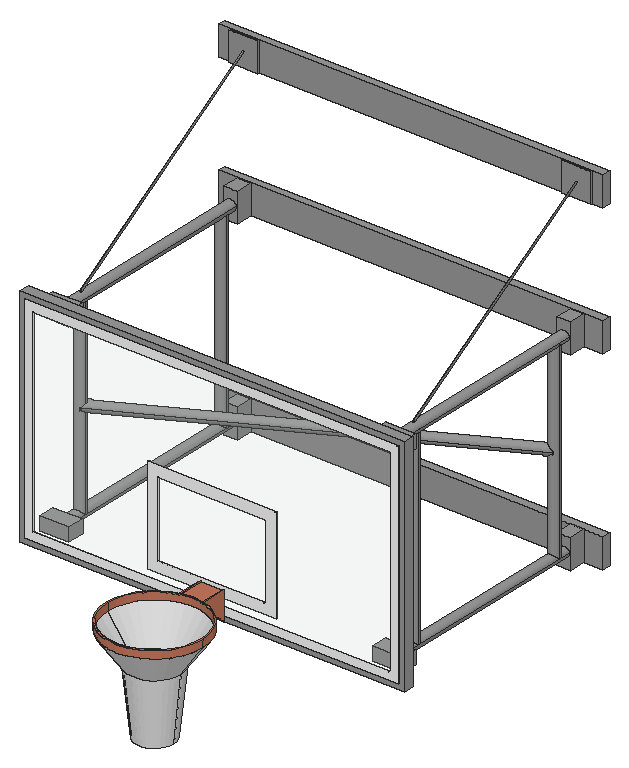
Revit family "Basketball-Structure_Wall-Mount_Side-Fold_PKGxxSFRG", category Generic Models, Revit 2024
Family settings
  Can host rebar = No
  Round Connector Dimension = Use Diameter
  Part Type = Normal
  OmniClass Number = 23.40.50.34.24
  OmniClass Title = Nets
  Work Plane-Based = No
  Always vertical = Yes
  Cut with Voids When Loaded = No
  Maintain Annotation Orientation = No
  Shared = No
  Room Calculation Point = No
Parameters (values of type "PKG46STRG")
  Width = 6' - 0"
  Wall Plate Material = Wood
  URL = "https://ipibybison.com/"
  Test Data = "http://www.ipibybison.com/ToolBox.php"
  Suspension Type = "Telescoping"
  Support Tubing Material = Steel - Tubular Support
  Support Tubing Diameter = 0' - 1.9"
  Specification = "https://www.arcat.com/arcatcos/cos49/arc49571.html"
  Sales Information = "http://www.ipibybison.com/DealersPage.php"
  Revision = "R1_2018-09"
  Product Data = "http://www.arcat.com/arcatcos/cos38/arc38554.html"
  PKG82STRG Extension Range = "96\" to 144\""
  PKG68STRG Extension Range = "72\" to 96\""
  PKG46STRG Extension Range = "48\" to 72\""
  Netting = Finish - IPI by Bison - White Netting
  Mounting Height [instance] = 8' - 0"
  Model = "As Specified"
  Manufacturer Website = "http://www.ipibybison.com/"
  Manufacturer Phone - Toll Free = "888-438-5311"
  Manufacturer Phone = "888-438-5311"
  Manufacturer Fax = "888-438-5312"
  Manufacturer Address = "603 L St.   Lincoln, NE 68508"
  Manufacturer = "IPI by Bison"
  Keynote = "11 66 00"
  Installation-Fabrication = "http://www.ipibybison.com/InstallersPage.php"
  Hoop Finish = Powder Coat - Playground Orange
  Green Building-LEED = "https://www.arcat.com/green/green_building.shtml"
  Extension Depth = 4' - 0"
  Drawn By = "Sumex Design, Inc. / Robert S. Weygant, CSI, CDT, SCIP"
  Description = "IPI by Bison Gymnasium Equipment"
  Default Elevation = 0' - 0"
  Copyright = "©Arcat Inc."
  Construction Details = "https://www.arcat.com/downloads/38554-brpbis/bim/bison/BRP%20by%20bison"
  Category = ""
  Building Codes = "https://www.brpbybison.com/submittals.html"
  Backboard Material = Fiberglass - Backboard
  Backboard Height = 3' - 6"
  Backboard Frame Material = Steel - Tubular Support
Types (4): name | Extension Depth
  (no name) | 4' - 0"
  PKG46STRG | 4' - 0"
  PKG68STRG | 6' - 0"
  PKG82STRG | 8' - 0"
Reference planes (in)
  plane 1 "Back": y = 0
  plane 2 "Floor": z = 0
  plane 3 "Center (Left/Right)": x = 0
  plane 4 "Front": y = -48
  plane 5: y = -46
  plane 6 "Left": x = -36
  plane 7 "Right": x = 36
  plane 8 "Chain Alignment": x = -31.188
  plane 9 "Backboard Bottom": z = 96
  plane 10 "Chain Alignment 2": x = 31.188
  plane 11 "Top": z = 138
  plane 12: z = 135.091
  plane 13: z = 98.909
  plane 14: y = -1.5
  plane 15: z = 137.841
  plane 16: z = 132.341
  plane 17: z = 96.159
  plane 18: z = 101.659
  plane 19: x = -32.438
  plane 20: x = -29.938
  plane 21: x = 32.438
  plane 22: x = 29.938
  plane 23: z = 101.25
  plane 24: y = -48.0625
  plane 25: y = -6.9
  plane 26: z = 156.841
  plane 27 "Top Plate": z = 162.341
  plane 28: z = 159.591
  plane 29: y = -39.83
  plane 30: z = 136.091
  plane 31: y = -42.812
  plane 32: y = -4.688
  plane 33 "Cross Bar": z = 117
Forms (in)
  Extrusion 1, solid, material "Steel - Tubular Support" <- "Support Tubing Material"
    sketch origin (0, 0, 0) x (1, 0, 0) y (0, 0, 1)
      loop
        circle (-31.188, 98.909) r 0.95
      loop
        circle (-31.188, 135.091) r 0.95
      loop
        circle (31.188, 98.909) r 0.95
      loop
        circle (31.188, 135.091) r 0.95
    from 4.688 to 42.812
  Extrusion 2, solid, material "Wood" <- "Wall Plate Material"
    sketch origin (0, 0, 0) x (0, 1, 0) y (0, 0, 1)
      loop
        line (0, 137.841) -> (-1.5, 137.841) -> (-1.5, 132.341) -> (0, 132.341) -> (0, 137.841)
      loop
        line (0, 101.659) -> (-1.5, 101.659) -> (-1.5, 96.159) -> (0, 96.159) -> (0, 101.659)
      loop
        line (0, 162.341) -> (-1.5, 162.341) -> (-1.5, 156.841) -> (0, 156.841) -> (0, 162.341)
    from -36 to 36
  Extrusion 3, solid, material "Steel - Tubular Support" <- "Support Tubing Material"
    sketch origin (0, 0, 0) x (1, 0, 0) y (0, 0, 1)
      loop
        line (-32.438, 137.841) -> (-32.438, 132.341) -> (-29.938, 132.341) -> (-29.938, 137.841) -> (-32.438, 137.841)
      loop
        line (29.938, 137.841) -> (29.938, 132.341) -> (32.438, 132.341) -> (32.438, 137.841) -> (29.938, 137.841)
      loop
        line (-32.438, 101.659) -> (-32.438, 96.159) -> (-29.938, 96.159) -> (-29.938, 101.659) -> (-32.438, 101.659)
      loop
        line (29.938, 101.659) -> (29.938, 96.159) -> (32.438, 96.159) -> (32.438, 101.659) -> (29.938, 101.659)
    from 1.5 to 4.688
  Extrusion 4, solid, material "Steel - Tubular Support" <- "Support Tubing Material"
    sketch origin (0, 0, 0) x (1, 0, 0) y (0, 0, 1)
      loop
        line (-33.938, 133.841) -> (-28.438, 133.841) -> (-28.438, 136.341) -> (-33.938, 136.341) -> (-33.938, 133.841)
      loop
        line (33.938, 133.841) -> (33.938, 136.341) -> (28.438, 136.341) -> (28.438, 133.841) -> (33.938, 133.841)
      loop
        line (-33.938, 97.659) -> (-28.438, 97.659) -> (-28.438, 100.159) -> (-33.938, 100.159) -> (-33.938, 97.659)
      loop
        line (33.938, 97.659) -> (33.938, 100.159) -> (28.438, 100.159) -> (28.438, 97.659) -> (33.938, 97.659)
    from 42.812 to 46
  Extrusion 5, solid, material "Steel - Tubular Support" <- "Backboard Frame Material"
    sketch origin (0, 0, 0) x (1, 0, 0) y (0, 0, 1)
      loop
        line (-36, 138) -> (-36, 96) -> (36, 96) -> (36, 138) -> (-36, 138)
      loop
        line (-35, 137) -> (-35, 97) -> (35, 97) -> (35, 137) -> (-35, 137)
    from 46 to 48
  Extrusion 6, solid, material "Powder Coat - White"
    sketch origin (0, 0, 0) x (1, 0, 0) y (0, 0, 1)
      loop
        line (-35, 137) -> (-35, 97) -> (35, 97) -> (35, 137) -> (-35, 137)
      loop
        line (-33.5, 98.5) -> (33.5, 98.5) -> (33.5, 135.5) -> (-33.5, 135.5) -> (-33.5, 98.5)
      loop
        line (-12.061, 99.898) -> (12.061, 99.898) -> (12.061, 117.898) -> (-12.061, 117.898) -> (-12.061, 99.898)
      loop
        line (-10.061, 115.898) -> (-10.061, 101.898) -> (10.061, 101.898) -> (10.061, 115.898) -> (-10.061, 115.898)
    from 48 to 48.0625
  Extrusion 7, solid, material "Fiberglass - Backboard" <- "Backboard Material"
    sketch origin (0, 0, 0) x (1, 0, 0) y (0, 0, 1)
      loop
        line (-35, 137) -> (-35, 97) -> (35, 97) -> (35, 137) -> (-35, 137)
    from 46 to 48
  Sweep 8, solid, material "Steel - Tubular Support" <- "Support Tubing Material"
    path origin (-31.188, 0, 0) x (0, 1, 0) y (0, 0, 1)
      loop
        line (-1.75, 159.591) -> (-39.83, 136.091)
    profile origin (-31.188, -20.79, 147.841) x (0, 0.525169, -0.850998) y (1, 0, 0)
      loop
        circle (0, 0) r 0.125
  Sweep 9, solid, material "Steel - Tubular Support" <- "Support Tubing Material"
    path origin (31.188, 0, 0) x (0, 1, 0) y (0, 0, 1)
      loop
        line (-1.75, 159.591) -> (-39.83, 136.091)
    profile origin (31.188, -20.79, 147.841) x (0, -0.525169, 0.850998) y (-1, 0, 0)
      loop
        circle (0, 0) r 0.125
  Extrusion 10, solid, material "Steel - Tubular Support" <- "Support Tubing Material"
    sketch origin (0, 0, 0) x (1, 0, 0) y (0, 1, 0)
      loop
        circle (-31.188, -6.9) r 0.95
      loop
        circle (-31.188, -39.83) r 0.95
      loop
        circle (31.188, -6.9) r 0.95
      loop
        circle (31.188, -39.83) r 0.95
    from 98.909 to 135.091
  Sweep 11, solid, material "Steel - Tubular Support" <- "Support Tubing Material"
    path origin (0, 0, 117) x (-1, 0, 0) y (0, -1, 0)
      loop
        line (31.188, 39.83) -> (-31.188, 6.9)
    profile origin (0, -23.365, 117) x (-0.466862, 0.88433, 0) y (0, 0, 1)
      loop
        circle (0, 0) r 0.95
  Extrusion 12, solid, material "Steel - Tubular Support" <- "Support Tubing Material"
    sketch origin (0, 0, 0) x (1, 0, 0) y (0, 0, 1)
      loop
        line (-33.938, 156.841) -> (-28.438, 156.841) -> (-28.438, 162.341) -> (-33.938, 162.341) -> (-33.938, 156.841)
      loop
        line (33.938, 156.841) -> (33.938, 162.341) -> (28.438, 162.341) -> (28.438, 156.841) -> (33.938, 156.841)
    from 1.5 to 1.80058
Dimensions and locks (in)
  "Extension Depth": plane 1 "Back" to plane 4 "Front"
  locked: plane 5 to plane 4 "Front" at 2
  equal spacing: plane 6 "Left", plane 3 "Center (Left/Right)", plane 7 "Right"
  "Width": plane 6 "Left" to plane 7 "Right"
  "Mounting Height": plane 9 "Backboard Bottom" to level
  "Backboard Height": plane 11 "Top" to plane 9 "Backboard Bottom"
  plane 14 to plane 1 "Back" = 0' - 1 1/2"
  equal spacing: plane 15, plane 12, plane 16
  locked: plane 15 to plane 16 at 5.5
  equal spacing: plane 18, plane 13, plane 17
  locked: plane 18 to plane 17 at 5.5
  equal spacing: plane 20, plane 8 "Chain Alignment", plane 19
  locked: plane 20 to plane 19 at 2.5
  equal spacing: plane 22, plane 10 "Chain Alignment 2", plane 21
  locked: plane 22 to plane 21 at 2.5
  equal spacing: Extrusion 4 sketch curve, plane 8 "Chain Alignment", Extrusion 4 sketch curve  (x2)
  locked: Extrusion 4 sketch curve to Extrusion 4 sketch curve at 5.5  (x4)
  equal spacing: Extrusion 4 sketch curve, plane 12, Extrusion 4 sketch curve  (x2)
  locked: Extrusion 4 sketch curve to Extrusion 4 sketch curve at 2.5  (x4)
  equal spacing: Extrusion 4 sketch curve, plane 10 "Chain Alignment 2", Extrusion 4 sketch curve  (x2)
  equal spacing: Extrusion 4 sketch curve, plane 13, Extrusion 4 sketch curve  (x2)
  locked: plane 11 "Top" to Extrusion 5 sketch curve at 1
  locked: Extrusion 5 sketch curve to Extrusion 5 sketch curve at 1
  locked: Extrusion 5 sketch curve to plane 7 "Right" at 1
  locked: Extrusion 5 sketch curve to plane 6 "Left" at 1
  Extrusion 6 sketch curve to Extrusion 5 to plane 6 "Left" = 0' - 1 1/2" locked, 0' - 1" locked
  Extrusion 6 sketch curve to Extrusion 5 to plane 7 "Right" = 0' - 1 1/2" locked, 0' - 1" locked
  plane 11 "Top" to Extrusion 5 to Extrusion 6 sketch curve = 0' - 1" locked, 0' - 1 1/2" locked
  Extrusion 6 sketch curve to Extrusion 5 to plane 9 "Backboard Bottom" = 0' - 1 1/2" locked, 0' - 1" locked
  locked: plane 19 to plane 6 "Left" at 3.562
  locked: plane 21 to plane 7 "Right" at 3.562
  locked: Extrusion 6 to plane 6 "Left" at 1
  locked: Extrusion 6 to plane 7 "Right" at 1
  locked: Extrusion 6 to plane 9 "Backboard Bottom" at 1
  locked: plane 11 "Top" to Extrusion 6 at 1
  locked: plane 23 to plane 9 "Backboard Bottom" at 5.25
  locked: plane 4 "Front" to plane 24 at 0.0625
  equal spacing: Extrusion 6 sketch curve, plane 3 "Center (Left/Right)", Extrusion 6 sketch curve
  locked: Extrusion 6 sketch curve to Extrusion 6 sketch curve at 2  (x4)
  locked: Extrusion 6 sketch curve to Extrusion 6 sketch curve at 14
  locked: Extrusion 6 sketch curve to plane 9 "Backboard Bottom" at 3.898
  locked: plane 25 to plane 1 "Back" at 6.9
  equal spacing: plane 27 "Top Plate", plane 28, plane 26
  locked: plane 27 "Top Plate" to plane 26 at 5.5
  locked: plane 27 "Top Plate" to plane 15 at 24.5
  locked: plane 17 to plane 9 "Backboard Bottom" at 0.159
  locked: plane 11 "Top" to plane 15 at 0.159
  locked: plane 30 to plane 12 at 1
  locked: plane 31 to plane 24 at 5.2505
  locked: plane 14 to plane 32 at 3.188
  equal spacing: plane 12, plane 33 "Cross Bar", plane 13
  locked: plane 29 to plane 31 at 2.982
  locked: Extrusion 12 sketch curve to plane 6 "Left" at 2.062
  locked: Extrusion 12 sketch curve to Extrusion 12 sketch curve at 5.5  (x2)
  locked: Extrusion 12 sketch curve to plane 7 "Right" at 2.062
  locked: plane 14 to Extrusion 12 at 0.30058
  "Support Tubing Diameter": diameter of Extrusion 1 sketch curve  (x4)
  "Support Tubing Diameter": diameter of Extrusion 10 sketch curve  (x2)
  "Support Tubing Diameter": diameter of Sweep 11 sketch curve
  aligned and locked: plane 2 "Floor" to level
  aligned and locked: plane 8 "Chain Alignment" to Extrusion 1 sketch curve  (x2)
  aligned and locked: plane 13 to Extrusion 1 sketch curve  (x2)
  aligned and locked: plane 12 to Extrusion 1 sketch curve  (x2)
  aligned and locked: plane 10 "Chain Alignment 2" to Extrusion 1 sketch curve  (x2)
  aligned and locked: Extrusion 2 sketch curve to plane 15
  aligned and locked: plane 14 to Extrusion 2 sketch curve  (x3)
  aligned and locked: plane 1 "Back" to Extrusion 2 sketch curve  (x3)
  aligned and locked: plane 16 to Extrusion 2 sketch curve
  aligned and locked: Extrusion 2 sketch curve to plane 18
  aligned and locked: plane 17 to Extrusion 2 sketch curve
  aligned and locked: Extrusion 2 to plane 6 "Left"
  aligned and locked: Extrusion 2 to plane 7 "Right"
  aligned and locked: plane 16 to Extrusion 3 sketch curve  (x2)
  aligned and locked: plane 19 to Extrusion 3 sketch curve  (x2)
  aligned and locked: plane 20 to Extrusion 3 sketch curve  (x2)
  aligned and locked: Extrusion 3 sketch curve to plane 15  (x2)
  aligned and locked: plane 21 to Extrusion 3 sketch curve  (x2)
  aligned and locked: plane 22 to Extrusion 3 sketch curve  (x2)
  aligned and locked: plane 17 to Extrusion 3 sketch curve  (x2)
  aligned and locked: Extrusion 3 sketch curve to plane 18  (x2)
  aligned and locked: plane 14 to Extrusion 3
  aligned and locked: Extrusion 4 to plane 5
  aligned and locked: plane 6 "Left" to Extrusion 5 sketch curve
  aligned and locked: Extrusion 5 sketch curve to plane 11 "Top"
  aligned and locked: plane 9 "Backboard Bottom" to Extrusion 5 sketch curve
  aligned and locked: plane 7 "Right" to Extrusion 5 sketch curve
  aligned and locked: plane 5 to Extrusion 5
  aligned and locked: Extrusion 5 to plane 4 "Front"
  aligned and locked: plane 5 to Extrusion 7
  aligned and locked: nested 1 to plane 3 "Center (Left/Right)"
  aligned and locked: plane 23 to nested 1
  aligned and locked: nested 1 to plane 4 "Front"
  aligned and locked: plane 4 "Front" to Extrusion 6
  aligned and locked: plane 24 to Extrusion 6
  aligned and locked: Extrusion 7 to plane 4 "Front"
  aligned and locked: plane 26 to Extrusion 2 sketch curve
  aligned and locked: Extrusion 2 sketch curve to plane 27 "Top Plate"
  aligned and locked: plane 29 to Sweep 8 sketch curve
  aligned and locked: plane 28 to Sweep 8 sketch curve
  aligned and locked: plane 30 to Sweep 8 sketch curve
  aligned and locked: plane 30 to Sweep 9 sketch curve
  aligned and locked: plane 29 to Sweep 9 sketch curve
  aligned and locked: Extrusion 1 to plane 31
  aligned and locked: plane 31 to Extrusion 4
  aligned and locked: Extrusion 3 to plane 32
  aligned and locked: plane 32 to Extrusion 1
  aligned and locked: plane 12 to Extrusion 10
  aligned and locked: plane 13 to Extrusion 10
  aligned and locked: plane 8 "Chain Alignment" to Extrusion 10 sketch curve  (x2)
  aligned and locked: plane 25 to Extrusion 10 sketch curve  (x2)
  aligned and locked: plane 29 to Extrusion 10 sketch curve  (x2)
  aligned and locked: plane 10 "Chain Alignment 2" to Extrusion 10 sketch curve  (x2)
  aligned and locked: plane 10 "Chain Alignment 2" to Sweep 11 sketch curve
  aligned and locked: plane 25 to Sweep 11 sketch curve
  aligned and locked: plane 29 to Sweep 11 sketch curve
  aligned and locked: plane 8 "Chain Alignment" to Sweep 11 sketch curve
  aligned and locked: Extrusion 12 sketch curve to plane 27 "Top Plate"
  aligned and locked: plane 26 to Extrusion 12 sketch curve
  aligned and locked: plane 27 "Top Plate" to Extrusion 12 sketch curve
  aligned and locked: Extrusion 12 sketch curve to plane 26
  aligned and locked: plane 14 to Extrusion 12
Automatic sketch dimensions
  plane 6 "Left" to Extrusion 6 sketch curve = 0' - 1"
  Extrusion 6 sketch curve to plane 3 "Center (Left/Right)" = 1' - 0.061"
  plane 7 "Right" to Extrusion 6 sketch curve = 0' - 1"
  plane 17 to Extrusion 6 sketch curve = 0' - 0.841"
  Extrusion 6 sketch curve to plane 15 = 0' - 0.841"
  plane 6 "Left" to Extrusion 7 sketch curve = 0' - 1"
  plane 7 "Right" to Extrusion 7 sketch curve = 0' - 1"
  plane 17 to Extrusion 7 sketch curve = 0' - 0.841"
  Extrusion 7 sketch curve to plane 15 = 0' - 0.841"
  Sweep 8 sketch curve to plane 14 = 0' - 0 1/4"
  Sweep 8 sketch curve to plane 8 "Chain Alignment" = 0' - 0"
  Sweep 8 sketch curve to profile plane = 0' - 0"
  Sweep 9 sketch curve to plane 28 = 0' - 0"
  plane 14 to Sweep 9 sketch curve = 0' - 0 1/4"
  Sweep 9 sketch curve to plane 10 "Chain Alignment 2" = 0' - 0"
  profile plane to Sweep 9 sketch curve = 0' - 0"
  Sweep 11 sketch curve to profile plane = 0' - 0"
  profile plane to Sweep 11 sketch curve = 0' - 0"
  radius of Sweep 8 sketch curve = 0' - 0 1/8"
  radius of Sweep 9 sketch curve = 0' - 0 1/8"
  radius of Extrusion 10 sketch curve = 0' - 0.95"  (x2)
Nested families (in)
  nested 1: "Playground-System_Heavy-Duty-4_1-2in_PR52_Basket" at (0, -48, 101.25), Netting <- "Netting", Frame <- "Hoop Finish", type "Playground-System_Heavy-Duty-4_1-2in_PR52_Basket"
    with Netting Finish - IPI by Bison - White Netting, Frame Powder Coat - Playground Orange
Definition of nested family "Playground-System_Heavy-Duty-4_1-2in_PR52_Basket"
  Parameters (values of type "Playground-System_Heavy-Duty-4_1-2in_PR52_Basket")
    Netting [instance] = none
    Frame [instance] = none
    Default Elevation = 0' - 0"
  Reference planes (in)
    plane 1 "Center (Front/Back)": y = 0
    plane 2: z = 0
    plane 3 "Center (Left/Right)": x = 0
    plane 4 "Net": y = -13.5
    plane 5: x = -2.25
    plane 6: x = 2.25
  Forms (in)
    Extrusion 1, solid, material <- "Frame"
      sketch origin (0, 0, 0) x (1, 0, 0) y (0, 1, 0)
        loop
          circle (0, -13.5) r 9
        loop
          circle (0, -13.5) r 8.75
      from -1.38229 to 0
    Extrusion 2, solid, material <- "Frame"
      sketch origin (0, 0, 0) x (0, 1, 0) y (0, 0, 1)
        loop
          line (0, 0) -> (-4.75, 0) -> (-4.75, -1.1813) -> (0, -5.25) -> (0, 0)
      from -2.25 to -2.06458
    Extrusion 3, solid, material <- "Frame"
      sketch origin (0, 0, 0) x (0, 1, 0) y (0, 0, -1)
        loop
          line (0, 0) -> (0, 5.25) -> (-4.75, 1.1813) -> (-4.75, 0) -> (0, 0)
      from -2.25 to -2.06458
    Extrusion 4, solid, material <- "Frame"
      sketch origin (0, 0, 0) x (0, 1, 0) y (0, 0, 1)
        loop
          line (-4.75, 0) -> (-4.75, -0.25) -> (-0.25, -0.25) -> (-0.25, -5.03586) -> (0, -5.25) -> (0, 0) -> (-4.75, 0)
      from -2.06458 to 2.06458
    Revolve 5, solid, material <- "Netting"
      sketch origin (0, -13.5, 0) x (-1, 0, 0) y (0, 0, 1)
        loop
          line (9, -1.38229) -> (8.8474, -1.38229) -> (4.72063, -7.27592) -> (3.4482, -19.38229) -> (3.57389, -19.38229) -> (4.84157, -7.32114) -> (9, -1.38229)
        axis (0, -1.38229) -> (0, -19.38229)
      angle from 0 to 360
  Dimensions and locks (in)
    locked: level to Extrusion 1 at 1.38229
    locked: plane 4 "Net" to plane 1 "Center (Front/Back)" at 13.5
    equal spacing: plane 6, plane 3 "Center (Left/Right)", plane 5
    locked: plane 6 to plane 5 at 4.5
    aligned and locked: plane 2 to level
    aligned and locked: level to Extrusion 1
  Automatic sketch dimensions
    Extrusion 1 sketch curve to Extrusion 1 sketch curve = 0' - 0"  (x2)
    Extrusion 1 sketch curve to plane 3 "Center (Left/Right)" = 0' - 0"
    Extrusion 1 sketch curve to plane 4 "Net" = 0' - 0"
    Revolve 5 sketch curve to plane 3 "Center (Left/Right)" = 0' - 0"
    Revolve 5 sketch curve to plane 5 = 0' - 1.1982"
    Revolve 5 sketch curve to Revolve 5 sketch curve = 0' - 0.12569"
    Revolve 5 sketch curve to plane 5 = 0' - 2.47063"
    Revolve 5 sketch curve to Revolve 5 sketch curve = 0' - 0.12094"
    Revolve 5 sketch curve to level = 0' - 1.38229"  (x2)
    Revolve 5 sketch curve to plane 5 = 0' - 6.5974"
    Revolve 5 sketch curve to Revolve 5 sketch curve = 0' - 0.1526"
    Revolve 5 sketch curve to Revolve 5 sketch curve = 0' - 0.04522"
    Revolve 5 sketch curve to Revolve 5 sketch curve = 1' - 0.06115"
    Revolve 5 sketch curve to Revolve 5 sketch curve = 0' - 1"
    Revolve 5 sketch curve to Revolve 5 sketch curve = 0' - 5.89364"
    Extrusion 2 sketch curve to level = 0' - 0"
    Extrusion 2 sketch curve to plane 1 "Center (Front/Back)" = 0' - 0"
    Extrusion 2 sketch curve to level = 0' - 1.1813"
    plane 1 "Center (Front/Back)" to Extrusion 2 sketch curve = 0' - 4 3/4"
    Extrusion 2 sketch curve to level = 0' - 5 1/4"
    Extrusion 3 sketch curve to level = 0' - 0"
    Extrusion 3 sketch curve to plane 1 "Center (Front/Back)" = 0' - 0"
    Extrusion 3 sketch curve to level = 0' - 1.1813"
    plane 1 "Center (Front/Back)" to Extrusion 3 sketch curve = 0' - 4 3/4"
    Extrusion 3 sketch curve to level = 0' - 5 1/4"
    Extrusion 4 sketch curve to level = 0' - 0"
    Extrusion 4 sketch curve to plane 1 "Center (Front/Back)" = 0' - 0"
    plane 1 "Center (Front/Back)" to Extrusion 4 sketch curve = 0' - 0 1/4"
    Extrusion 4 sketch curve to level = 0' - 0 1/4"
    Extrusion 4 sketch curve to Extrusion 4 sketch curve = 0' - 4 1/2"
    Extrusion 4 sketch curve to Extrusion 4 sketch curve = 0' - 4.78586"
    Extrusion 4 sketch curve to Extrusion 4 sketch curve = 0' - 0.21414"
    radius of Extrusion 1 sketch curve = 0' - 9"
    radius of Extrusion 1 sketch curve = 0' - 8 3/4"
